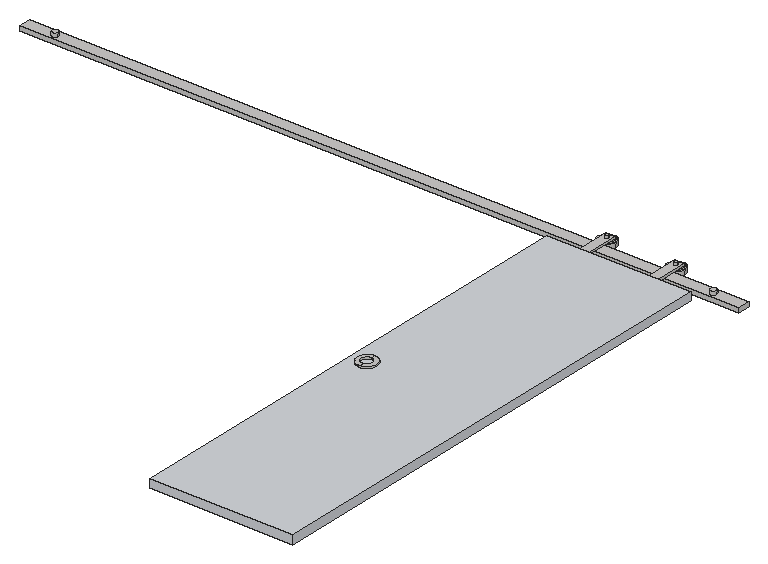
Revit family
Parameters (values of type "Stainless Steel, Brushed")
  zz YesNo 2 [instance] = or(Trolley is Face Mount, Trolley is Glass Mount)  # no
  zz YesNo 1 [instance] = not(if(Trolley is Top Mount, 1, 0) + if(Trolley is Glass Mount, 1, 0) + if(Trolley is Face Mount, 1, 0) = 1)  # no
  zz Material 1 [instance] = Stainless Steel - Krown Lab - Brushed
  zz Length 6 [instance] = if(Trolley is Top Mount, 2.625", if(Trolley is Face Mount, 2.000", if(Trolley is Glass Mount, 2.000", 0.500"))) - 0.125"  # 2.500"
  zz Length 5 [instance] = 91.000"
  zz Length 4 [instance] = 2.000"  # constant formula
  zz Length 3 [instance] = if(Panel Width < 16.375", 16.375", Panel Width)  # 24.000"
  zz Length 2 [instance] = if(zz Length 5 + (Panel Width / 2) > [built-in parameter 1001306] + 72.000", [built-in parameter 1001306] - (Panel Width / 2) + 72.000", if(zz Length 5 - (Panel Width / 2) < 72.000", (Panel Width / 2) + 72.000", zz Length 5))  # 91.000"
  zz Length 1 [instance] = if(Panel Height < 4.750", 4.750", Panel Height)  # 83.000"
  zz Integer 1 = 3
  URL = "http://www.krownlab.com/"
  Type Comments = "To Modify the Panel, edit the nested Panel Family and reload into the Door"  # constant formula
  Trolley is Top Mount [instance] = yes
  Trolley is Glass Mount [instance] = no
  Trolley is Face Mount [instance] = no
  Track Length [instance] = [built-in parameter 1001306]  # 120.000"
  Provide Feedback = "https://www.surveymonkey.com/s/3HJZTQD "
  Product Page URL = "http://www.krownlab.com/robroy"
  Product Material = Stainless Steel - Krown Lab - Brushed
  Product Documentation Link = "http://www.krownlab.com/pdfs/KrownLab-ROBROY-Product-Guide.pdf"
  Part Number [instance] = if(not(zz YesNo 1), if(and(zz Integer 1 = 3, Trolley is Top Mount), "Rob Roy, R11", if(and(zz Integer 1 = 3, Trolley is Face Mount), "Rob Roy, R12", if(and(zz Integer 1 = 3, Trolley is Glass Mount), "Rob Roy, R13", if(and(zz Integer 1 = 4, Trolley is Top Mount), "Rob Roy, R31", if(and(zz Integer 1 = 4, Trolley is Face Mount), "Rob Roy, R32", if(and(zz Integer 1 = 4, Trolley is Glass Mount), "Rob Roy, R33", "Not Available")))))), "Not Available")  # "Rob Roy, R11"
  Part Description [instance] = if(not(zz YesNo 1), if(zz Integer 1 = 3, "Rob Roy Brushed Stainless Steel Sliding Track For Custom Sized Panels", if(zz Integer 1 = 4, "Rob Roy Black Stainless Steel Sliding Track For Custom Sized Panels", "Not Available")), "Not Available")  # "Rob Roy Brushed Stainless Steel Sliding Track For Custom Sized Panels"
  Panel Width [instance] = 24.000"
  Panel Material [instance] = none
  Panel Height [instance] = 83.000"
  Panel Depth Desired [instance] = 1.375"
  Panel Depth Actual [instance] = if(not(zz YesNo 1), if(Trolley is Top Mount, if(Panel Depth Desired > 3.000", 3.000", if(Panel Depth Desired < 1.375", 1.375", Panel Depth Desired)), if(Trolley is Face Mount, if(Panel Depth Desired > 1.750", 1.750", if(Panel Depth Desired < 0.750", 0.750", Panel Depth Desired)), if(Trolley is Glass Mount, if(Panel Depth Desired > 0.750", 0.750", if(Panel Depth Desired < 0.375", 0.375", Panel Depth Desired)), 5.000"))), 3.000" / 4)  # 1.375"
  Panel [instance] = Panel : Standard
  Original Creation Date = "6/26/13"  # constant formula
  Mounting Hardware [instance] = if(not(zz YesNo 1), if(Trolley is Top Mount, "Top Mount", if(Trolley is Face Mount, "Face Mount", if(Trolley is Glass Mount, "Glass Mount", "Not Available"))), "Not Available")  # "Top Mount"
  Model Disclaimer = "For More Information, Contact Krown Lab"  # constant formula
  Model = "See Part Number"  # constant formula
  Max Panel Weight [instance] = 150.000 lbf  # constant formula
  Manufacturer = "Krown Lab"  # constant formula
  built-in parameter 1001306 [instance] = 120.000"
  Handle Material = Stainless Steel - Krown Lab - Brushed
  Handle [instance] = Handle : Ring Pull
  Family Version = "1.0.0"  # constant formula
  Equipment Number [instance] = ""
  Equipment Abbreviation = "DR"
  Description = "See Part Description"  # constant formula
  Date Last Modified = "6/26/13"  # constant formula
  Copyright = "Copyright © Krown Lab"  # constant formula
  Configuration [instance] = if(zz YesNo 1, "Error: Select only 1 Trolley Option", "Available")  # "Available"
Types (3): name | zz Material 1 | zz Integer 1 | Product Material | Part Number | Part Description | Handle Material
  (no name) | Stainless Steel - Krown Lab - Brushed | 3 | Stainless Steel - Krown Lab - Brushed | "Rob Roy, R11" | "Rob Roy Brushed Stainless Steel Sliding Track For Custom Sized Panels" | Stainless Steel - Krown Lab - Brushed
  Stainless Steel, Brushed | Stainless Steel - Krown Lab - Brushed | 3 | Stainless Steel - Krown Lab - Brushed | "Rob Roy, R11" | "Rob Roy Brushed Stainless Steel Sliding Track For Custom Sized Panels" | Stainless Steel - Krown Lab - Brushed
  Stainless Steel, Black | Stainless Steel - Krown Lab - Black | 4 | Stainless Steel - Krown Lab - Black | "Rob Roy, R31" | "Rob Roy Black Stainless Steel Sliding Track For Custom Sized Panels" | Stainless Steel - Krown Lab - Black
Reference planes (in)
  plane 1 "Center (Front/Back)": y = 0
  plane 2: z = 0
  plane 3 "Left": x = 0
  plane 4 "Right": x = 120
  plane 5: z = 1.8125
  plane 6: z = 1.3
  plane 7: z = 1.125
  plane 8: z = 1.65
  plane 9: z = 2
  plane 10: z = 2.4
  plane 11: z = 2.5
  plane 12: x = 5
  plane 13: x = 67
  plane 14: y = -44.75
  plane 15: y = -86.25
  plane 16: y = -44.25
  plane 17: y = 1.075
  plane 18: y = 1.438
  plane 19: y = -3.25
  plane 20: y = -2
  plane 21: y = -1
  plane 22: y = -7.25
  plane 23: x = 89
  plane 24: x = 101
  plane 25: x = 113
  plane 26: x = 91.7
  plane 27: x = 94.5
  plane 28: x = 95.958
  plane 29: x = 95.229
  plane 30: x = 107.5
  plane 31: x = 106.771
  plane 32: x = 106.042
  plane 33: x = 192
  plane 34: y = -3
  plane 35: x = -1
  plane 36: x = 121
  plane 37: y = 4.313
  plane 38: y = -87.25
  plane 39: z = -1
  plane 40: z = 3.5
  plane 41: y = 2.166
  plane 42: y = -8
  plane 43: y = -0.422
  plane 44: z = 0.9
  plane 45: x = 115
  plane 46: z = 2.5
  plane 47: z = 1.875
  plane 48: z = 1.425
  plane 49: y = 0.5625
  plane 50: y = 0.75
  plane 51: y = 0.1875
  plane 52: z = 2.693
  plane 53: z = 0.607
  plane 54: y = -4.75
  plane 55: y = -7.25
  plane 56: z = 2.8
Forms (in)
  Extrusion 1, solid, material "Stainless Steel - Krown Lab - Brushed" <- "Product Material"
    sketch origin (0, 0, 0) x (1, 0, 0) y (0, 1, 0)
      loop
        line (0, 0) -> (0, -2) -> (120, -2) -> (120, 0) -> (0, 0)
    from 1.3 to 2
  Extrusion 2, solid, material "Stainless Steel - Krown Lab - Brushed" <- "zz Material 1", detail levels medium+fine
    sketch origin (0, 0, 0) x (1, 0, 0) y (0, 1, 0)
      loop
        circle (95.229, 1.438) r 0.688
      loop
        circle (95.229, 1.438) r 1.438
      loop
        circle (106.771, 1.438) r 0.688
      loop
        circle (106.771, 1.438) r 1.4375
    from 1.3 to 2
  Extrusion 3, solid, material "Stainless Steel - Krown Lab - Brushed" <- "Product Material", visible <- "zz YesNo 2", detail levels medium+fine
    sketch origin (0, 0, 0) x (1, 0, 0) y (0, 1, 0)
      loop
        line (94.5, -8) -> (95.958, -8) -> (95.958, 2.166) -> (94.5, 2.166) -> (94.5, -8)
      loop
        line (106.042, -8) -> (107.5, -8) -> (107.5, 2.166) -> (106.042, 2.166) -> (106.042, -8)
    from 2 to 2.4
  Extrusion 4, solid, material "Stainless Steel - Krown Lab - Brushed" <- "Product Material", visible <- "Trolley is Top Mount", detail levels medium+fine
    sketch origin (0, 0, 0) x (1, 0, 0) y (0, 1, 0)
      loop
        line (94.5, -3.25) -> (95.958, -3.25) -> (95.958, 2.166) -> (94.5, 2.166) -> (94.5, -3.25)
      loop
        line (106.042, -3.25) -> (107.5, -3.25) -> (107.5, 2.166) -> (106.042, 2.166) -> (106.042, -3.25)
    from 2 to 2.4
  Extrusion 5, solid, material "Stainless Steel - Krown Lab - Brushed" <- "Product Material", visible <- "Trolley is Top Mount", detail levels medium+fine
    sketch origin (0, 0, 0) x (1, 0, 0) y (0, 1, 0)
      loop
        line (94.5, -3) -> (94.5, -3.25) -> (95.958, -3.25) -> (95.958, -3) -> (94.5, -3)
      loop
        line (106.042, -3) -> (106.042, -3.25) -> (107.5, -3.25) -> (107.5, -3) -> (106.042, -3)
    from 1.3 to 2.4
  Extrusion 6, solid, material "Error Box", visible <- "zz YesNo 1"
    sketch origin (0, 0, 0) x (1, 0, 0) y (0, 1, 0)
      loop
        line (-1, 4.313) -> (-1, -87.25) -> (121, -87.25) -> (121, 4.313) -> (-1, 4.313)
    from -1 to 3.5
  Extrusion 7, solid, material "Stainless Steel - Krown Lab - Brushed" <- "Product Material", detail levels medium+fine
    sketch origin (0, 0, 0) x (1, 0, 0) y (0, 1, 0)
      loop
        line (106.042, 2.166) -> (106.042, -0.422) -> (107.5, -0.422) -> (107.5, 2.166) -> (106.042, 2.166)
      loop
        line (94.5, 2.166) -> (94.5, -0.422) -> (95.958, -0.422) -> (95.958, 2.166) -> (94.5, 2.166)
    from 0.9 to 1.3
  Extrusion 8, solid, material "Stainless Steel - Krown Lab - Brushed" <- "zz Material 1", detail levels fine
    sketch origin (0, 0, 0) x (1, 0, 0) y (0, 1, 0)
      loop
        circle (5, -1) r 0.5
      loop
        circle (115, -1) r 0.5
    from 2 to 2.5
  Extrusion 9, void
    sketch origin (0, 0, 0) x (1, 0, 0) y (0, 1, 0)
      loop
        circle (106.771, 1.438) r 1.2505
      loop
        circle (106.771, 1.438) r 0.8755
      loop
        circle (95.229, 1.438) r 1.2505
      loop
        circle (95.229, 1.438) r 0.8755
    from 1.875 to 2
  Extrusion 10, void
    sketch origin (0, 0, 0) x (1, 0, 0) y (0, 1, 0)
      loop
        circle (106.771, 1.438) r 1.2505
      loop
        circle (106.771, 1.438) r 0.8755
      loop
        circle (95.229, 1.438) r 1.2505
      loop
        circle (95.229, 1.438) r 0.8755
    from 1.3 to 1.425
  Extrusion 11, solid, material "Stainless Steel - Krown Lab - Brushed" <- "Product Material", detail levels fine
    sketch origin (0, 0, 0) x (1, 0, 0) y (0, 1, 0)
      loop
        circle (106.771, 1.438) r 0.2675
      loop
        circle (95.229, 1.438) r 0.2675
    from 2.4 to 2.693
  Extrusion 12, solid, material "Stainless Steel - Krown Lab - Brushed" <- "Product Material", detail levels fine
    sketch origin (0, 0, 0) x (1, 0, 0) y (0, 1, 0)
      loop
        circle (95.229, 1.438) r 0.31
      loop
        circle (106.771, 1.438) r 0.31
    from 0.607 to 0.9
  Extrusion 13, solid, material "Stainless Steel - Krown Lab - Brushed" <- "Product Material", visible <- "zz YesNo 2", detail levels fine
    sketch origin (0, 0, 0) x (1, 0, 0) y (0, 1, 0)
      loop
        circle (106.771, -4.75) r 0.25
      loop
        circle (106.771, -7.25) r 0.25
      loop
        circle (95.229, -4.75) r 0.25
      loop
        circle (95.229, -7.25) r 0.25
    from 2.4 to 2.8
Cuts and joins
  joined: Extrusion 4, Extrusion 5
  Extrusion 9, Extrusion 10 cuts Extrusion 2
Lines and regions (in)
  Masking region 1
    outline origin (0, 0, 0) x (1, 0, 0) y (0, 0, 1)
      loop
        line (0, 2) -> (0, 1.3) -> (120, 1.3) -> (120, 2) -> (0, 2)
  reference lines
    curve 1: line (0, 0, 0) -> (120, 0, 0)
    curve 2: line (101, -86.25, 1.8125) -> (101, 0, 1.8125)
Text (in)
  text "To Modify the Panel, edit the nested Panel Family and reload into the Door" at (-101.19156, 12.03068, 0), in view "Ref. Level"
Dimensions and locks (in)
  "built-in parameter 1001306": plane 3 "Left" to plane 4 "Right"
  equal spacing: plane 11, plane 5, plane 7
  "zz Length 6": plane 11 to plane 2
  "Panel Depth Actual": plane 11 to plane 7
  "zz Length 4": plane 9 to plane 2
  equal spacing: plane 19, plane 14, plane 15
  locked: plane 16 to plane 15 at 42
  plane 18 to plane 17 to plane 50 to plane 49 to plane 51 to plane 1 "Center (Front/Back)" to plane 21 to plane 20 to plane 34 to plane 19 to plane 22 to plane 42 = 0.363" locked, 0.325" locked, 0.1875" locked, 0.375" locked, 0.1875" locked, 1.000" locked, 1.000" locked, 1.000" locked, 0.250" locked, 4.000" locked, 0.750" locked
  "zz Length 1": plane 19 to plane 15
  plane 10 to plane 9 to plane 8 to plane 6 to plane 44 = 0.400" locked, 0.350" locked, 0.350" locked, 0.400" locked
  equal spacing: plane 23, plane 24, plane 25
  "zz Length 3": plane 23 to plane 25
  plane 23 to plane 26 to plane 27 to plane 29 to plane 28 = 2.700" locked, 2.800" locked, 0.729" locked, 0.729" locked
  plane 32 to plane 31 to plane 30 to plane 25 = 0.729" locked, 0.729" locked, 5.500" locked
  "zz Length 2": plane 24 to plane 33
  "zz Length 5": curve 2 to plane 33
  locked: plane 4 "Right" to plane 33 at 72
  locked: plane 35 to plane 3 "Left" at 1
  locked: plane 4 "Right" to plane 36 at 1
  locked: plane 37 to plane 18 at 2.875
  locked: plane 15 to plane 38 at 1
  locked: plane 2 to plane 39 at 1
  locked: plane 40 to plane 11 at 1
  locked: plane 45 to plane 4 "Right" at 5
  locked: plane 3 "Left" to plane 12 at 5
  locked: plane 46 to plane 9 at 0.5
  locked: plane 48 to plane 6 at 0.125
  locked: plane 9 to plane 47 at 0.125
  locked: plane 43 to plane 41 at 2.588
  locked: plane 18 to plane 41 at 0.728
  locked: plane 52 to plane 10 at 0.293
  locked: plane 52 to plane 53 at 2.086
  locked: plane 19 to plane 54 at 1.5
  locked: plane 54 to plane 55 at 2.5
  plane 56 to plane 10 = 0.400"
  aligned and locked: plane 4 "Right" to curve 1
  aligned and locked: plane 3 "Left" to curve 1
  aligned and locked: level to plane 2
  aligned and locked: Extrusion 1 sketch curve to plane 4 "Right"
  aligned and locked: plane 20 to Extrusion 1 sketch curve
  aligned and locked: plane 1 "Center (Front/Back)" to Extrusion 1 sketch curve
  aligned and locked: plane 3 "Left" to Extrusion 1 sketch curve
  aligned and locked: plane 29 to Extrusion 2 sketch curve  (x2)
  aligned and locked: plane 18 to Extrusion 2 sketch curve  (x4)
  aligned and locked: plane 31 to Extrusion 2 sketch curve  (x2)
  aligned and locked: Extrusion 2 to plane 6
  aligned and locked: Extrusion 1 to plane 6
  aligned and locked: plane 9 to Extrusion 1
  aligned and locked: plane 9 to Extrusion 2
  aligned and locked: nested 1 to plane 24
  aligned and locked: nested 1 to plane 14
  aligned and locked: nested 2 to plane 16
  aligned and locked: nested 2 to plane 26
  aligned and locked: Extrusion 3 sketch curve to plane 32
  aligned and locked: plane 30 to Extrusion 3 sketch curve
  aligned and locked: plane 28 to Extrusion 3 sketch curve
  aligned and locked: Extrusion 3 sketch curve to plane 27
  aligned and locked: Extrusion 3 to plane 9
  aligned and locked: plane 10 to Extrusion 3
  aligned and locked: plane 15 to curve 2
  aligned and locked: Extrusion 4 sketch curve to plane 27
  aligned and locked: plane 19 to Extrusion 4 sketch curve  (x2)
  aligned and locked: plane 28 to Extrusion 4 sketch curve
  aligned and locked: Extrusion 4 sketch curve to plane 32
  aligned and locked: plane 30 to Extrusion 4 sketch curve
  aligned and locked: Extrusion 4 to plane 9
  aligned and locked: plane 10 to Extrusion 4
  aligned and locked: plane 19 to Extrusion 5 sketch curve  (x2)
  aligned and locked: plane 30 to Extrusion 5 sketch curve
  aligned and locked: Extrusion 5 sketch curve to plane 32
  aligned and locked: Extrusion 5 sketch curve to plane 34  (x2)
  aligned and locked: Extrusion 5 sketch curve to plane 27
  aligned and locked: plane 28 to Extrusion 5 sketch curve
  aligned and locked: Extrusion 5 to plane 6
  aligned and locked: plane 10 to Extrusion 5
  aligned and locked: plane 6 to Masking region 1 sketch curve
  aligned and locked: Masking region 1 sketch curve to plane 4 "Right"
  aligned and locked: Masking region 1 sketch curve to plane 9
  aligned and locked: plane 3 "Left" to Masking region 1 sketch curve
  aligned and locked: plane 36 to Extrusion 6 sketch curve
  aligned and locked: Extrusion 6 sketch curve to plane 35
  aligned and locked: plane 38 to Extrusion 6 sketch curve
  aligned and locked: Extrusion 6 sketch curve to plane 37
  aligned and locked: Extrusion 6 to plane 39
  aligned and locked: plane 40 to Extrusion 6
  aligned and locked: plane 41 to Extrusion 4 sketch curve
  aligned and locked: Extrusion 4 sketch curve to plane 41
  aligned and locked: Extrusion 3 sketch curve to plane 41  (x2)
  aligned and locked: Extrusion 3 sketch curve to plane 42  (x2)
  aligned and locked: plane 43 to Extrusion 7 sketch curve  (x2)
  aligned and locked: Extrusion 7 sketch curve to plane 32
  aligned and locked: plane 30 to Extrusion 7 sketch curve
  aligned and locked: Extrusion 7 sketch curve to plane 41  (x2)
  aligned and locked: plane 28 to Extrusion 7 sketch curve
  aligned and locked: Extrusion 7 sketch curve to plane 27
  aligned and locked: Extrusion 7 to plane 44
  aligned and locked: plane 6 to Extrusion 7
  aligned and locked: plane 21 to Extrusion 8 sketch curve  (x2)
  aligned and locked: plane 12 to Extrusion 8 sketch curve
  aligned and locked: plane 45 to Extrusion 8 sketch curve
  aligned and locked: Extrusion 8 to plane 9
  aligned and locked: plane 46 to Extrusion 8
  aligned and locked: plane 29 to Extrusion 9 sketch curve  (x2)
  aligned and locked: plane 18 to Extrusion 9 sketch curve  (x4)
  aligned and locked: plane 31 to Extrusion 9 sketch curve  (x2)
  aligned and locked: plane 29 to Extrusion 10 sketch curve  (x2)
  aligned and locked: plane 18 to Extrusion 10 sketch curve  (x4)
  aligned and locked: plane 31 to Extrusion 10 sketch curve  (x2)
  aligned: Extrusion 10 to plane 44
  aligned and locked: plane 48 to Extrusion 10
  aligned and locked: Extrusion 9 to plane 47
  aligned and locked: plane 9 to Extrusion 9
  aligned and locked: Extrusion 10 to plane 6
  aligned and locked: plane 18 to Extrusion 11 sketch curve  (x2)
  aligned and locked: plane 29 to Extrusion 11 sketch curve
  aligned and locked: plane 31 to Extrusion 11 sketch curve
  aligned and locked: plane 18 to Extrusion 12 sketch curve  (x2)
  aligned and locked: plane 31 to Extrusion 12 sketch curve
  aligned and locked: plane 29 to Extrusion 12 sketch curve
  aligned and locked: Extrusion 11 to plane 10
  aligned and locked: plane 52 to Extrusion 11
  aligned and locked: plane 44 to Extrusion 12
  aligned and locked: Extrusion 12 to plane 53
  aligned and locked: plane 29 to Extrusion 13 sketch curve  (x2)
  aligned and locked: plane 31 to Extrusion 13 sketch curve  (x2)
  aligned and locked: plane 54 to Extrusion 13 sketch curve  (x2)
  aligned and locked: plane 55 to Extrusion 13 sketch curve  (x2)
  aligned and locked: Extrusion 13 to plane 10
  aligned and locked: plane 56 to Extrusion 13
Automatic sketch dimensions
  plane 1 "Center (Front/Back)" to curve 1 = 0.000"
  plane 1 "Center (Front/Back)" to curve 2 = 0.000"
  radius of Extrusion 2 sketch curve = 0.688"  (x2)
  radius of Extrusion 2 sketch curve = 1.438"
  radius of Extrusion 2 sketch curve = 1.4375"
  radius of Extrusion 8 sketch curve = 0.500"  (x2)
  radius of Extrusion 9 sketch curve = 1.2505"  (x2)
  radius of Extrusion 9 sketch curve = 0.8755"  (x2)
  radius of Extrusion 10 sketch curve = 1.2505"  (x2)
  radius of Extrusion 10 sketch curve = 0.8755"  (x2)
  radius of Extrusion 11 sketch curve = 0.2675"  (x2)
  radius of Extrusion 12 sketch curve = 0.310"  (x2)
  radius of Extrusion 13 sketch curve = 0.250"  (x4)
Nested families (in)
  nested 1: "Panel" at (101, -44.75, 1.125), Panel Material <- "Panel Material", Panel Width <- "Panel Width", Panel Thickness <- "Panel Depth Actual", Panel Height <- "Panel Height", type <- "Panel", type "Standard"
    with Panel Width 24.000", Panel Thickness 1.375", Panel Material none, Panel Height 83.000"
  nested 2: "Handle" at (91.7, -44.25, 1.8125), Panel Thickness <- "Panel Depth Actual", Material <- "Handle Material", type <- "Handle", type "Ring Pull", detail levels fine
    with Panel Thickness 1.375", Material Stainless Steel - Krown Lab - Brushed, Handle Height 18.000"
Definition of nested family "Panel"
  Parameters (values of type "Standard")
    Panel Width [instance] = 58.000"
    Panel Thickness [instance] = 3.000"
    Panel Material [instance] = none
    Panel Height [instance] = 102.000"
    Assembly Code = ""
  Reference planes (in)
    plane 1 "Center (Front/Back)": y = 0
    plane 2: z = 0
    plane 3 "Center (Left/Right)": x = 0
    plane 4: y = -51
    plane 5: y = 51
    plane 6: x = -29
    plane 7: x = 29
    plane 8: z = 3
  Forms (in)
    Extrusion 1, solid, material <- "Panel Material"
      sketch origin (0, 0, 0) x (1, 0, 0) y (0, 1, 0)
        loop
          line (-29, 51) -> (-29, -51) -> (29, -51) -> (29, 51) -> (-29, 51)
      from 0 to 3
  Lines and regions (in)
    Masking region 1
      outline origin (0, 0, 0) x (1, 0, 0) y (0, 0, 1)
        loop
          line (-29, 3) -> (-29, 0) -> (29, 0) -> (29, 3) -> (-29, 3)
  Text (in)
    text "This Family is intended to be editable,\n\nbut dont modify the presently applied parameters\n\n(Panel Width, Panel Height, Panel Thickness)\n\nor the constraints." at (-58.6655, -74.93645, 0), in view "Ref. Level"
  Dimensions and locks (in)
    equal spacing: plane 6, plane 3 "Center (Left/Right)", plane 7
    equal spacing: plane 5, plane 1 "Center (Front/Back)", plane 4
    "Panel Height": plane 5 to plane 4
    "Panel Width": plane 6 to plane 7
    "Panel Thickness": plane 8 to plane 2
    aligned and locked: plane 2 to level
    aligned and locked: Extrusion 1 sketch curve to plane 5
    aligned and locked: Extrusion 1 sketch curve to plane 6
    aligned and locked: plane 4 to Extrusion 1 sketch curve
    aligned and locked: plane 7 to Extrusion 1 sketch curve
    aligned and locked: Extrusion 1 to plane 2
    aligned and locked: plane 8 to Extrusion 1
    aligned and locked: Masking region 1 sketch curve to plane 6
    aligned and locked: Masking region 1 sketch curve to plane 8
    aligned and locked: plane 2 to Masking region 1 sketch curve
    aligned and locked: plane 7 to Masking region 1 sketch curve
Definition of nested family "Handle"
  Parameters (values of type "None")
    Rings Visible = no
    Panel Thickness [instance] = 4.000"
    Material [instance] = none
    Handle Height [instance] = 18.000"
    Front Rail Visible = no
    Back Rail Visible = no
    Assembly Code = ""
  Types (4): name | Rings Visible | Front Rail Visible | Back Rail Visible
    None | no | no | no
    Ring Pull | yes | no | no
    18" Rail Pull | no | yes | no
    18" Rail Pull, Double Sided | no | yes | yes
  Reference planes (in)
    plane 1 "Center (Front/Back)": y = 0
    plane 2: z = 0
    plane 3 "Center (Left/Right)": x = 0
    plane 4: y = -9
    plane 5: y = 9
    plane 6: x = -0.375
    plane 7: x = 0.375
    plane 8: z = 2
    plane 9: z = -2
    plane 10: z = 4
    plane 11: z = -4
    plane 12: y = 0.9375
    plane 13: y = 1.625
    plane 14: z = 2.1875
    plane 15: z = -2.1875
  Forms (in)
    Extrusion 1, solid, material <- "Material", visible <- "Front Rail Visible"
      sketch origin (0, 0, 0) x (1, 0, 0) y (0, 1, 0)
        loop
          line (-0.375, 9) -> (-0.375, -9) -> (0.375, -9) -> (0.375, 9) -> (-0.375, 9)
      from 2 to 4
    Extrusion 2, solid, material <- "Material", visible <- "Back Rail Visible"
      sketch origin (0, 0, 0) x (1, 0, 0) y (0, 1, 0)
        loop
          line (-0.375, 9) -> (-0.375, -9) -> (0.375, -9) -> (0.375, 9) -> (-0.375, 9)
      from -4 to -2
    Revolve 3, solid, material <- "Material", visible <- "Rings Visible"
      sketch origin (0, 0, 0) x (0, 1, 0) y (0, 0, 1)
        loop
          line (0.9375, 2.1875) -> (0.9375, 2) -> (1.625, 2) -> (1.625, 2.1875) -> (0.9375, 2.1875)
        loop
          line (0.9375, -2) -> (0.9375, -2.1875) -> (1.625, -2.1875) -> (1.625, -2) -> (0.9375, -2)
        axis (0, -2.1875) -> (0, 2.1875)
      angle from 0 to 360
  Dimensions and locks (in)
    equal spacing: plane 4, plane 1 "Center (Front/Back)", plane 5
    "Handle Height": plane 5 to plane 4
    plane 6 to plane 3 "Center (Left/Right)" to plane 7 = 0.375" locked, 0.375" locked
    equal spacing: plane 8, plane 2, plane 9
    "Panel Thickness": plane 8 to plane 9
    plane 10 to plane 14 to plane 8 = 1.8125" locked, 0.1875" locked
    plane 9 to plane 15 to plane 11 = 0.1875" locked, 1.8125" locked
    aligned and locked: plane 2 to level
    aligned and locked: Extrusion 1 sketch curve to plane 5
    aligned and locked: Extrusion 1 sketch curve to plane 6
    aligned and locked: plane 4 to Extrusion 1 sketch curve
    aligned and locked: plane 7 to Extrusion 1 sketch curve
    aligned and locked: Extrusion 1 to plane 8
    aligned and locked: plane 10 to Extrusion 1
    aligned and locked: plane 4 to Extrusion 2 sketch curve
    aligned and locked: Extrusion 2 sketch curve to plane 5
    aligned and locked: plane 7 to Extrusion 2 sketch curve
    aligned and locked: Extrusion 2 sketch curve to plane 6
    aligned and locked: Extrusion 2 to plane 11
    aligned and locked: plane 9 to Extrusion 2
    aligned and locked: plane 15 to Revolve 3 sketch curve
    aligned and locked: Revolve 3 sketch curve to plane 13  (x2)
    aligned and locked: Revolve 3 sketch curve to plane 14
    aligned and locked: Revolve 3 sketch curve to plane 9
    aligned and locked: plane 8 to Revolve 3 sketch curve
    aligned and locked: plane 12 to Revolve 3 sketch curve  (x2)
    aligned and locked: Revolve 3 sketch curve to plane 1 "Center (Front/Back)"
  Automatic sketch dimensions
    Revolve 3 sketch curve to plane 11 = 20.000"
    plane 10 to Revolve 3 sketch curve = 88.27586"
